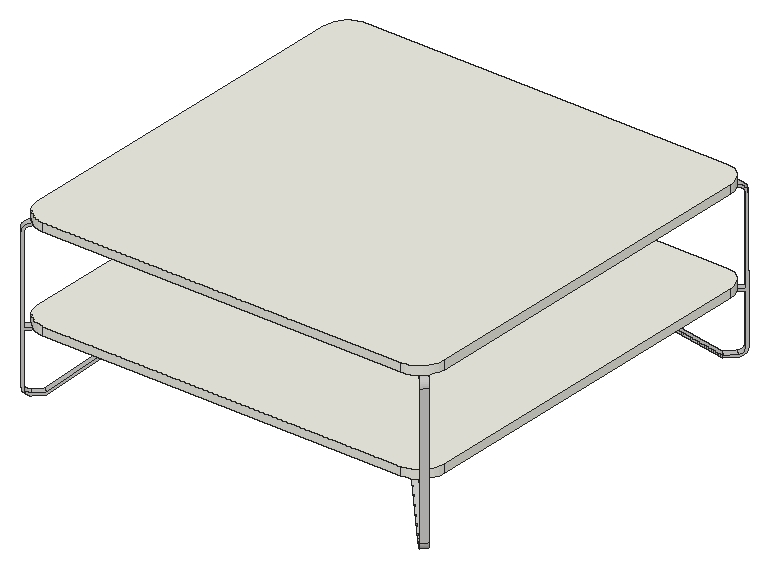
Revit family "IKEA_Imfors_coffee_table_5997", category Обобщенные модели, Revit 2017
Family settings
  Может служить основой для арматурных стержней = Нет
  Размер круглого соединителя = Использовать диаметр
  Тип детали = Нормальный
  На основе рабочей плоскости = Нет
  Всегда вертикально = Да
  При загрузке вырезать с полостями = Нет
  Общий = Нет
  Точка расчета площади = Нет
Reference planes
  plane 1 "Center (Front/Back)": y = 0
  plane 2: z = 0
  plane 3 "Center (Left/Right)": x = 0
  plane 4: z = 400
  plane 5: z = 150.995
Forms (mm)
  Extrusion 1, solid, material "Vit akryl"
    sketch origin (-1532.535, 1617.754, 400) x (0, 1, 0) y (-1, 0, 0)
      loop
        arc (-1179.378, -2033.403) -> (-1136.952, -2015.83) -> (-1119.378, -1973.403) r 60
        line (-1119.378, -1973.403) -> (-1119.378, -1093.403)
        arc (-1119.378, -1093.403) -> (-1136.952, -1050.977) -> (-1179.378, -1033.403) r 60
        line (-1179.378, -1033.403) -> (-2059.378, -1033.403)
        arc (-2059.378, -1033.403) -> (-2101.805, -1050.977) -> (-2119.378, -1093.403) r 60
        line (-2119.378, -1093.403) -> (-2119.378, -1973.403)
        arc (-2119.378, -1973.403) -> (-2101.805, -2015.83) -> (-2059.378, -2033.403) r 60
        line (-2059.378, -2033.403) -> (-1179.378, -2033.403)
    from 0 to -20
  Sweep 2, solid, material "Metal"
    path origin (7.197, 7.033, 0) x (0.707107, 0.707107, 0) y (0, 0, 1)
      loop
        line (406.157, 375) -> (-693, 375)
        arc (-693, 375) -> (-703.607, 370.607) -> (-708, 360) r 15
        line (-708, 360) -> (-708, 20)
        arc (-708, 20) -> (-703.607, 9.393) -> (-693, 5) r 15
        line (-693, 5) -> (-665.359, 5) -> (-456.857, 150.995)
    profile origin (-94.217, -94.381, 375) x (0, 0, -1) y (0.707107, -0.707107, 0)
      loop
        line (0, -8.632) -> (0, 8.668) -> (-5, 8.668) -> (-5, -8.632) -> (0, -8.632)
  Extrusion 3, solid, material "Vit akryl"
    sketch origin (-664.874, -665.038, 150.995) x (-0.707107, 0.707107, 0) y (0.707107, 0.707107, 0)
      loop
        line (-44.073, 1604.537) -> (-666.327, 982.283)
        arc (-666.327, 982.283) -> (-683.901, 939.856) -> (-666.327, 897.43) r 60
        line (-666.327, 897.43) -> (-44.073, 275.176)
        arc (-44.073, 275.176) -> (-1.647, 257.602) -> (40.78, 275.176) r 60
        line (40.78, 275.176) -> (663.034, 897.43)
        arc (663.034, 897.43) -> (680.607, 939.856) -> (663.034, 982.283) r 60
        line (663.034, 982.283) -> (40.78, 1604.537)
        arc (40.78, 1604.537) -> (-1.647, 1622.11) -> (-44.073, 1604.537) r 60
    from 0 to -20
  Sweep 4, solid, material "Metal"
    path origin (-7.869, -8.083, 0) x (-0.707107, -0.707107, 0) y (0, 0, 1)
      loop
        line (-427.5, 375) -> (-694, 375)
        arc (-694, 375) -> (-704.607, 370.607) -> (-709, 360) r 15
        line (-709, 360) -> (-709, 20)
        arc (-709, 20) -> (-704.607, 9.393) -> (-694, 5) r 15
        line (-694, 5) -> (-665.359, 5) -> (-456.857, 150.995)
    profile origin (388.641, 388.427, 375) x (0, 0, -1) y (-0.707107, 0.707107, 0)
      loop
        line (0, -8.632) -> (0, 8.668) -> (-5, 8.668) -> (-5, -8.632) -> (0, -8.632)
  Extrusion 5, solid, material "Metal"
    sketch origin (-396.678, -1193.713, 0) x (-0.707107, 0.707107, 0) y (0, 0, 1)
      loop
        line (572.105, 150.995) -> (554.805, 150.995) -> (554.805, 145.995) -> (572.105, 145.995) -> (572.105, 150.995)
    from 426.638 to 1822.296
  Sweep 6, solid, material "Metal"
    path origin (-7.187, 7.008, 0) x (-0.707107, 0.707107, 0) y (0, 0, 1)
      loop
        line (406.157, 375) -> (-693, 375)
        arc (-693, 375) -> (-703.607, 370.607) -> (-708, 360) r 15
        line (-708, 360) -> (-708, 20)
        arc (-708, 20) -> (-703.607, 9.393) -> (-693, 5) r 15
        line (-693, 5) -> (-665.359, 5) -> (-456.857, 150.995)
    profile origin (94.227, -94.406, 375) x (0, 0, -1) y (0.707107, 0.707107, 0)
      loop
        line (0, -8.632) -> (0, 8.668) -> (-5, 8.668) -> (-5, -8.632) -> (0, -8.632)
  Sweep 7, solid, material "Metal"
    path origin (7.929, -8.058, 0) x (0.707107, -0.707107, 0) y (0, 0, 1)
      loop
        line (-427.5, 375) -> (-694, 375)
        arc (-694, 375) -> (-704.607, 370.607) -> (-709, 360) r 15
        line (-709, 360) -> (-709, 20)
        arc (-709, 20) -> (-704.607, 9.393) -> (-694, 5) r 15
        line (-694, 5) -> (-665.359, 5) -> (-456.857, 150.995)
    profile origin (-388.581, 388.452, 375) x (0, 0, -1) y (-0.707107, -0.707107, 0)
      loop
        line (0, -8.632) -> (0, 8.668) -> (-5, 8.668) -> (-5, -8.632) -> (0, -8.632)
  Extrusion 8, solid, material "Metal"
    sketch origin (1193.559, -396.867, 0) x (-0.707107, -0.707107, 0) y (0, 0, 1)
      loop
        line (572.105, 150.995) -> (554.805, 150.995) -> (554.805, 145.995) -> (572.105, 145.995) -> (572.105, 150.995)
    from 426.638 to 1822.296
Cuts and joins
  joined: Sweep 2, Sweep 4, Extrusion 5, Sweep 6, Sweep 7, Extrusion 8
Dimensions and locks
  Extrusion 1 to plane 4 to Extrusion 1 = 0 mm, 20 mm
  Sweep 4 sketch curve to Sweep 4 sketch curve = 28.641 mm
  Sweep 7 sketch curve to Sweep 7 sketch curve = 28.641 mm
  aligned: Extrusion 5 to Sweep 2
  aligned: Extrusion 5 to Sweep 4
